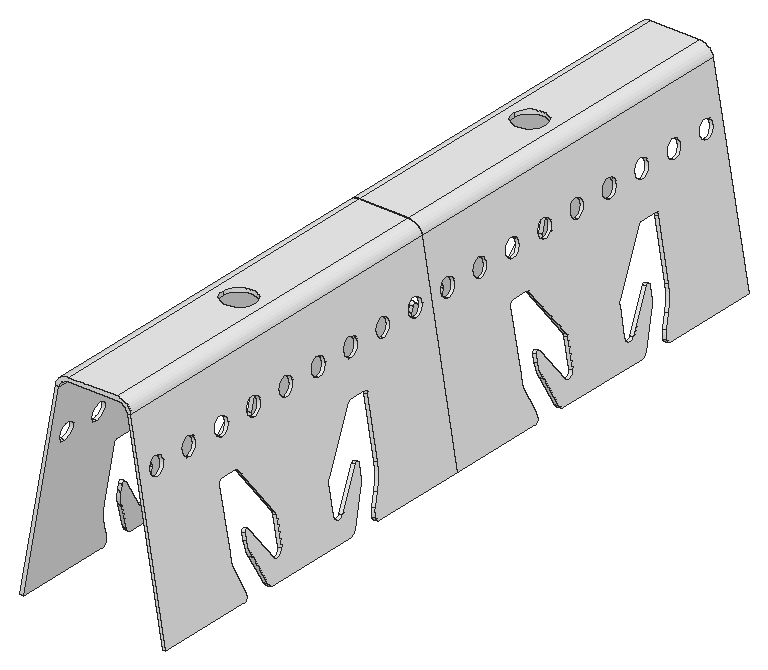
Revit family "HeartFelt-Linear-Carrier1-M90_HunterDouglasEurope", category Specialty Equipment, Revit 2016
Family settings
  Part Type = Normal
  Round Connector Dimension = Use Diameter
  OmniClass Number = 23.35.70.24.11.11.11
  OmniClass Title = Suspended Ceilings, Suspension Assembly
  Work Plane-Based = No
  Always vertical = No
  Cut with Voids When Loaded = No
  Shared = No
  Room Calculation Point = No
Parameters (values of type "HeartFelt AL Carrier1 M90_Transparent Coated")
  URL = "http://www.hunterdouglasarchitectural.eu/en-GB/ceilings/textile/heartfelt/index.jsp"
  Thickness = 0.95 mm
  System Weight (Panel1 40x55) = "3.7 kg/m²"  # constant formula
  System Openness = "55%"  # constant formula
  System Joint Width = "50mm"  # constant formula
  Substrate = "Aluminum"  # constant formula
  Subcategory = "HeartFelt® Ceilings"  # constant formula
  Product Line = "HeartFelt® Linear"  # constant formula
  Product Data = "http://assets2.hunterdouglascontract.com/documents/ceiling/Brochures/United%20Kingdom/Brochure-Heartfelt-en-UK.pdf"
  Model = "HeartFelt Carrier 1 M90"  # constant formula
  Material = Aluminum-7178_HunterDouglasEurope
  Manufacturer = "Hunter Douglas"  # constant formula
  Maintenance Instructions = "http://assets2.hunterdouglascontract.com/documents/ceiling/Brochures/_default/Cleaning-and-Maintenance-HeartFelt.pdf"
  Length [instance] = round(Carrier_actual length / 90.00 mm) * 90.00 mm  # 180.00 mm
  Instructions for Disassembly = "http://assets2.hunterdouglascontract.com/documents/ceiling/Installation%20Manuals/_default/Instructions-for-disassembly-or-component-extraction-of-HeartFelt-Linear-Felt-Ceilings.pdf"
  Instalation Instructions = "http://assets2.hunterdouglascontract.com/documents/ceiling/Installation%20Manuals/_default/Installation-Instructions-HeartFelt-EN.pdf"
  Height = 52.00 mm
  Fire rating = ""
  EN13501-1_Fire rating = "Class A2,s1,d0"  # constant formula
  Description = ""
  Colour Code = "7178"
  Carrier_length (max5000) [instance] = 180.00 mm
  Carrier_actual length [instance] = if([Carrier_length (max5000)] < 5000.00 mm, if([Carrier_length (max5000)] > 180.00 mm, [Carrier_length (max5000)], 180.00 mm), 5000.00 mm)  # 180.00 mm
  Carrier Exact Length = "4945mm"  # constant formula
  Article Code = "332079"  # constant formula
  Amount of Prongs [instance] = rounddown((Carrier_actual length - 45.00 mm) / 90.00 mm) + 1  # 2
  Alloy = "EN AW 5050"  # constant formula
Types (2, lengths in mm): name | Material | Colour Code
  HeartFelt AL Carrier1 M90_Transparent Coated | Aluminum-7178_HunterDouglasEurope | "7178"
  HeartFelt AL Carrier1 M90_Black | Aluminum-1863_HunterDouglasEurope | "1863"
Reference planes
  plane 1 "Center (Front/Back)": y = 0
  plane 2: z = 0
  plane 3 "Center (Left/Right)": x = 0
  plane 4 "Panel end": y = 135
  plane 5 "Panel start": y = -45
  plane 6: y = 0
  plane 7: y = 90
Dimensions and locks
  plane 5 "Panel start" to plane 1 "Center (Front/Back)" = 45.00 mm
  group 1 to group 2 = 0.00 mm  (x2)
  group 1 to group 2 = 90.00 mm
  plane 1 "Center (Front/Back)" to plane 7 = 90.00 mm
  "Carrier_length (max5000)": plane 4 "Panel end" to plane 5 "Panel start"
  aligned and locked: level to plane 2
  aligned and locked: plane 6 to plane 1 "Center (Front/Back)"
  aligned and locked: plane 5 "Panel start" to nested 1
Nested families
  nested 1: "Module-90-Prong_HDE" at (0, 0, 0), type "Prong_M90"
  nested 2: "Module-90-Prong_HDE" at (0, 90, 0), type "Prong_M90"
Definition of nested family "Module-90-Prong_HDE"
  Parameters (values of type "Prong_M90")
    URL = "http://www.hunterdouglasarchitectural.eu/en-GB/ceilings/textile/heartfelt/index.jsp"
    Substrate = "Aluminum"  # constant formula
    Subcategory = "HeartFelt® Ceilings"  # constant formula
    Product Line = "HeartFelt® Linear"  # constant formula
    Model = "HeartFelt Carrier 1 M90"  # constant formula
    Material = none
    Manufacturer = "Hunter Douglas"  # constant formula
    Fire rating = ""
    Description = ""
    Colour Code = "7178"
    Article Code = "332079"  # constant formula
    Alloy = "EN AW 5050"  # constant formula
  Reference planes
    plane 1 "Center (Front/Back)": y = 0
    plane 2: z = 0
    plane 3 "Center (Left/Right)": x = 0
    plane 4 "Panel start": y = -45
    plane 5 "Right": through (18.054, -1524, 37.847) normal (-0.9848, 0, -0.1736)
    plane 6 "Left": through (-9.36, -1524, 87.149) normal (0.9848, 0, -0.1736)
    plane 7 "Panel end": y = 45
  Forms (mm)
    Extrusion 1, solid, material <- "Material"
      sketch origin (23.982, 0, 4.229) x (0.173648, 0, -0.984808) y (0, -1, 0)
        loop
          line (-34.137, 45) -> (-84.2, 45) -> (-84.2, -45) -> (-34.137, -45) -> (-34.137, -20.997)
          arc (-34.137, -20.997) -> (-34.403, -20.317) -> (-35.061, -20) r 1
          arc (-35.061, -20) -> (-36.061, -20.06) -> (-37.015, -20.366) r 4
          line (-37.015, -20.366) -> (-39.951, -21.735)
          arc (-39.951, -21.735) -> (-42.734, -22.68) -> (-45.656, -23) r 13.5
          line (-45.656, -23) -> (-60.137, -23)
          arc (-60.137, -23) -> (-60.844, -22.707) -> (-61.137, -22) r 1
          line (-61.137, -22) -> (-61.137, -17.818)
          arc (-61.137, -17.818) -> (-61.024, -17.356) -> (-60.71, -16.998) r 1
          line (-60.71, -16.998) -> (-48.196, -8.236)
          arc (-48.196, -8.236) -> (-47.84, -8.06) -> (-47.448, -8) r 1.305
          line (-47.448, -8) -> (-40.398, -8)
          arc (-40.398, -8) -> (-38.972, -9.046) -> (-39.54, -10.72) r 1.495
          line (-39.54, -10.72) -> (-47.924, -16.59)
          arc (-47.924, -16.59) -> (-48.114, -17.15) -> (-47.637, -17.5) r 0.5
          line (-47.637, -17.5) -> (-45.878, -17.5)
          arc (-45.878, -17.5) -> (-43.93, -17.287) -> (-42.074, -16.657) r 9
          line (-42.074, -16.657) -> (-35.003, -13.359)
          arc (-35.003, -13.359) -> (-34.372, -12.806) -> (-34.137, -12) r 1.5
          line (-34.137, -12) -> (-34.137, 12)
          arc (-34.137, 12) -> (-34.372, 12.806) -> (-35.003, 13.359) r 1.5
          line (-35.003, 13.359) -> (-42.074, 16.657)
          arc (-42.074, 16.657) -> (-43.93, 17.287) -> (-45.878, 17.5) r 9
          line (-45.878, 17.5) -> (-47.637, 17.5)
          arc (-47.637, 17.5) -> (-48.114, 17.15) -> (-47.924, 16.59) r 0.5
          line (-47.924, 16.59) -> (-39.54, 10.72)
          arc (-39.54, 10.72) -> (-38.972, 9.046) -> (-40.398, 8) r 1.495
          line (-40.398, 8) -> (-47.448, 8)
          arc (-47.448, 8) -> (-47.84, 8.06) -> (-48.196, 8.236) r 1.305
          line (-48.196, 8.236) -> (-60.71, 16.998)
          arc (-60.71, 16.998) -> (-61.024, 17.356) -> (-61.137, 17.818) r 1
          line (-61.137, 17.818) -> (-61.137, 22)
          arc (-61.137, 22) -> (-60.844, 22.707) -> (-60.137, 23) r 1
          line (-60.137, 23) -> (-45.656, 23)
          arc (-45.656, 23) -> (-42.734, 22.68) -> (-39.951, 21.735) r 13.5
          line (-39.951, 21.735) -> (-37.015, 20.366)
          arc (-37.015, 20.366) -> (-36.061, 20.06) -> (-35.061, 20) r 4
          arc (-35.061, 20) -> (-34.403, 20.317) -> (-34.137, 20.997) r 1
          line (-34.137, 20.997) -> (-34.137, 45)
        loop
          circle (-71.25, 20) r 2.25
        loop
          circle (-71.25, 10) r 2.25
        loop
          circle (-71.25, 0) r 2.25
        loop
          circle (-71.25, -10) r 2.25
        loop
          circle (-71.25, -20) r 2.25
        loop
          circle (-71.25, 30) r 2.25
        loop
          circle (-71.25, -30) r 2.25
        loop
          circle (-71.25, 40) r 2.25
        loop
          circle (-71.25, -40) r 2.25
      from 0.95 to 0
    Extrusion 2, solid, material <- "Material"
      sketch origin (-23.982, 0, 4.229) x (0.173648, 0, 0.984808) y (0, -1, 0)
        loop
          line (84.2, 45) -> (34.137, 45) -> (34.137, 21)
          arc (34.137, 21) -> (34.43, 20.293) -> (35.137, 20) r 1
          arc (35.137, 20) -> (36.102, 20.07) -> (37.023, 20.37) r 4
          line (37.023, 20.37) -> (39.951, 21.735)
          arc (39.951, 21.735) -> (42.734, 22.68) -> (45.656, 23) r 13.5
          line (45.656, 23) -> (60.137, 23)
          arc (60.137, 23) -> (60.844, 22.707) -> (61.137, 22) r 1
          line (61.137, 22) -> (61.137, 17.818)
          arc (61.137, 17.818) -> (61.024, 17.356) -> (60.71, 16.998) r 1
          line (60.71, 16.998) -> (48.195, 8.235)
          arc (48.195, 8.235) -> (47.84, 8.06) -> (47.449, 8) r 1.3
          line (47.449, 8) -> (40.413, 8)
          arc (40.413, 8) -> (38.982, 9.049) -> (39.552, 10.729) r 1.5
          line (39.552, 10.729) -> (47.924, 16.59)
          arc (47.924, 16.59) -> (48.114, 17.15) -> (47.637, 17.5) r 0.5
          line (47.637, 17.5) -> (45.878, 17.5)
          arc (45.878, 17.5) -> (43.93, 17.287) -> (42.074, 16.657) r 9
          line (42.074, 16.657) -> (35.003, 13.359)
          arc (35.003, 13.359) -> (34.372, 12.806) -> (34.137, 12) r 1.5
          line (34.137, 12) -> (34.137, -12)
          arc (34.137, -12) -> (34.372, -12.806) -> (35.003, -13.359) r 1.5
          line (35.003, -13.359) -> (42.074, -16.657)
          arc (42.074, -16.657) -> (43.93, -17.287) -> (45.878, -17.5) r 9
          line (45.878, -17.5) -> (47.637, -17.5)
          arc (47.637, -17.5) -> (48.114, -17.15) -> (47.924, -16.59) r 0.5
          line (47.924, -16.59) -> (39.552, -10.729)
          arc (39.552, -10.729) -> (38.982, -9.049) -> (40.413, -8) r 1.5
          line (40.413, -8) -> (47.449, -8)
          arc (47.449, -8) -> (47.84, -8.06) -> (48.195, -8.235) r 1.3
          line (48.195, -8.235) -> (60.71, -16.998)
          arc (60.71, -16.998) -> (61.024, -17.356) -> (61.137, -17.818) r 1
          line (61.137, -17.818) -> (61.137, -22)
          arc (61.137, -22) -> (60.844, -22.707) -> (60.137, -23) r 1
          line (60.137, -23) -> (45.656, -23)
          arc (45.656, -23) -> (42.734, -22.68) -> (39.951, -21.735) r 13.5
          line (39.951, -21.735) -> (37.023, -20.37)
          arc (37.023, -20.37) -> (36.102, -20.07) -> (35.137, -20) r 4
          arc (35.137, -20) -> (34.43, -20.293) -> (34.137, -21) r 1
          line (34.137, -21) -> (34.137, -45) -> (84.2, -45) -> (84.2, 45)
        loop
          circle (71.25, -20) r 2.25
        loop
          circle (71.25, -10) r 2.25
        loop
          circle (71.25, 0) r 2.25
        loop
          circle (71.25, 10) r 2.25
        loop
          circle (71.25, 20) r 2.25
        loop
          circle (71.25, -30) r 2.25
        loop
          circle (71.25, 30) r 2.25
        loop
          circle (71.25, -40) r 2.25
        loop
          circle (71.25, 40) r 2.25
      from 0 to 0.95
    Extrusion 3, solid, material <- "Material"
      sketch origin (0, 0, 0) x (1, 0, 0) y (0, 0, 1)
        loop
          line (5.963, 90) -> (-5.963, 90)
          arc (-5.963, 90) -> (-8.18, 89.193) -> (-9.36, 87.149) r 3.45
          line (-9.36, 87.149) -> (-8.425, 86.984)
          arc (-8.425, 86.984) -> (-7.57, 88.465) -> (-5.963, 89.05) r 2.5
          line (-5.963, 89.05) -> (5.963, 89.05)
          arc (5.963, 89.05) -> (7.57, 88.465) -> (8.425, 86.984) r 2.5
          line (8.425, 86.984) -> (9.36, 87.149)
          arc (9.36, 87.149) -> (8.18, 89.193) -> (5.963, 90) r 3.45
      from 45 to -45
    Extrusion 4, void
      sketch origin (0, 0, 0) x (1, 0, 0) y (0, 1, 0)
        loop
          circle (0, 0) r 4
      from 90.5 to 88.5
  Cuts and joins
    Extrusion 4 cuts Extrusion 3
  Dimensions and locks
    plane 4 "Panel start" to plane 1 "Center (Front/Back)" = 45.00 mm
    plane 4 "Panel start" to plane 1 "Center (Front/Back)" to plane 7 "Panel end" = 45.00 mm, 45.00 mm
    aligned and locked: level to plane 2
    aligned and locked: Extrusion 1 to plane 4 "Panel start"
    aligned and locked: cut or joined group of Extrusion 3, Extrusion 4 to plane 4 "Panel start"
    aligned and locked: Extrusion 2 to plane 4 "Panel start"
    aligned and locked: plane 7 "Panel end" to Extrusion 1
    aligned and locked: plane 7 "Panel end" to cut or joined group of Extrusion 3, Extrusion 4
    aligned and locked: plane 7 "Panel end" to Extrusion 2
